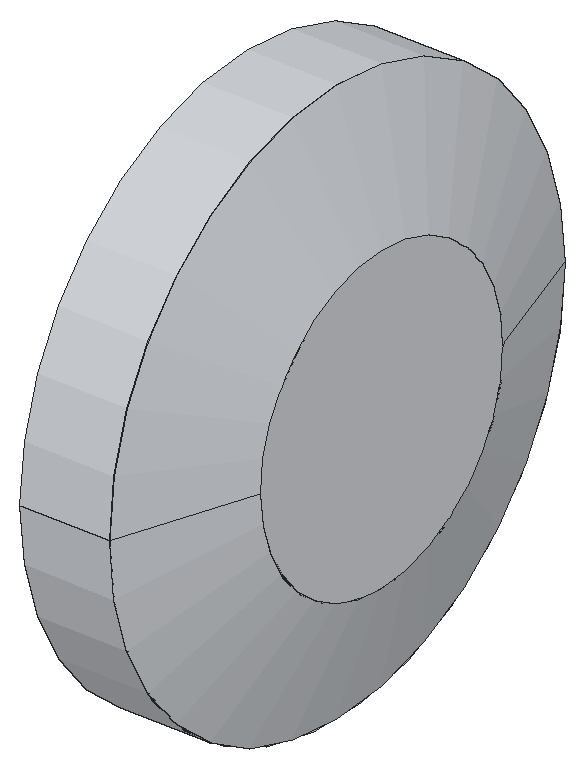
Revit family "RAUPIANO PLUS Rosette WC-17-90", category Pipe Fittings, Revit 2012
Parameters (values of type "Standard")
  Type Comments = "White"  # constant formula
  T1 = "WC-17-90"
  Spec Text [instance] = if(D = 160 mm, T1, Fail)  # "WC-17-90"
  Pressure resistance [instance] = "1 bar (100 kPa, 10m)"  # constant formula
  Nominal Radius 1 [instance] = 80 mm  # constant formula
  Nominal Radius 2 [instance] = 45 mm  # constant formula
  Nominal Diameter 1 [instance] = Nominal Radius 1 * 2  # 160 mm
  Nominal Diameter 2 [instance] = Nominal Radius 2 * 2  # 90 mm
  Model = ""
  Materialcode SAP [instance] = if(D = 160 mm, M1, Fail)  # "11230071001"
  Manufacturer = "REHAU"  # constant formula
  M1 = "11230071001"
  Loss Method = Not Defined
  Lookup Table Name = "RAUPIANO Adaptor to PVC.csv"
  L1 [instance] = L2 / 3  # 13.333 mm
  L2 [instance] = 40 mm  # constant formula
  R1 [instance] = 169 mm / 2  # 84.5 mm
  R2 [instance] = 90 mm / 2  # 45 mm
  Fail = "No article found"
  Description = "REHAU RAUPIANO PLUS rosette"  # constant formula
  D [instance] = Nominal Diameter 1  # 160 mm
  Article No [instance] = if(D = 160 mm, A1, Fail)  # "123007-001"
  A1 = "123007-001"
Reference planes
  plane 1 "Center (Front/Back)": y = 0
  plane 2: z = 0
  plane 3 "Center (Left/Right)": x = 0
  plane 4: y = 45
  plane 5: y = -45
  plane 6: y = 80
  plane 7: y = -80
  plane 8: x = 13.333
  plane 9: x = -26.667
Forms (mm)
  Blend 1, solid, detail levels fine
    base sketch origin (0, 0, 0) x (0, 1, 0) y (0, 0, 1)
      loop
        circle (0, 0) r 84.5
    top sketch origin (0, 0, 0) x (0, 1, 0) y (0, 0, 1)
      loop
        circle (0, 0) r 45
    from 0 to 13.333
  Extrusion 2, solid, detail levels fine
    sketch origin (0, 0, 0) x (0, 1, 0) y (0, 0, 1)
      loop
        circle (0, 0) r 84.5
    from 0 to -26.667
Lines and regions (mm)
  model lines, detail levels coarse+medium
    curve 1: line (0, 0, 0) -> (13.333, 0, 0)
    curve 2: line (0, 80, 0) -> (0, -80, 0)
    curve 3: line (13.333, 45, 0) -> (13.333, -45, 0)
  model lines, style "Symbol", detail levels coarse+medium
    curve 4: line (13.333, 0, 45) -> (13.333, 0, -45)
    curve 5: line (0, 0, 80) -> (0, 0, -80)
Dimensions and locks
  "Nominal Diameter 2": plane 4 to plane 5
  equal spacing: plane 4, plane 1 "Center (Front/Back)", plane 5
  equal spacing: plane 6, plane 1 "Center (Front/Back)", plane 7
  "Nominal Diameter 1": plane 6 to plane 7
  "L2": plane 9 to plane 8
  "L1": plane 3 "Center (Left/Right)" to plane 8
  equal spacing: curve 5, level, curve 5
  "Nominal Radius 1": curve 5 to level
  equal spacing: curve 4, level, curve 4
  "Nominal Radius 2": curve 4 to level
  "R1": radius of Blend 1 sketch curve
  "R2": radius of Blend 1 sketch curve
  "R1": radius of Extrusion 2 sketch curve
  aligned and locked: level to plane 2
  aligned and locked: Extrusion 2 to plane 9
  aligned and locked: plane 8 to Blend 1
  aligned and locked: Blend 1 to plane 3 "Center (Left/Right)"
  aligned and locked: plane 3 "Center (Left/Right)" to curve 1
  aligned and locked: plane 1 "Center (Front/Back)" to curve 1
  aligned and locked: curve 2 to plane 3 "Center (Left/Right)"
  aligned and locked: curve 3 to plane 8
  aligned and locked: curve 4 to plane 8
  aligned and locked: curve 5 to plane 3 "Center (Left/Right)"
Automatic sketch dimensions
  Blend 1 sketch curve to level = 0 mm  (x2)
  Blend 1 sketch curve to plane 1 "Center (Front/Back)" = 0 mm  (x2)
  Extrusion 2 sketch curve to level = 0 mm
  Extrusion 2 sketch curve to plane 1 "Center (Front/Back)" = 0 mm
  curve 2 to plane 7 = 0 mm
  curve 3 to plane 5 = 0 mm
  curve 3 to plane 4 = 0 mm
  curve 2 to plane 6 = 0 mm
Connectors
  piping at (0, 0, 0), driven by "Nominal Radius 1"
    settings: on Blend 1, index 1, connector radius 80 mm, flow factor 0, pipe flow 0.0 L/s, pressure drop 0.0 Pa, fitting loss kfactor 0, connector angle 0.00°, fixture units 0, engagement length 0 mm, flow configuration 0, flow direction 0, fitting loss method 0, system type 28, joint type 0, gender type 0, connector reference index 2, connector utility 0, adjustable connector no, is connector primary yes, fitting loss table "", connector description ""
  piping at (13.333, 0, 0), driven by "Nominal Radius 2"
    settings: on Blend 1, index 2, connector radius 45 mm, flow factor 0, pipe flow 0.0 L/s, pressure drop 0.0 Pa, fitting loss kfactor 0, connector angle 0.00°, fixture units 0, engagement length 0 mm, flow configuration 0, flow direction 1, fitting loss method 0, system type 28, joint type 0, gender type 0, connector reference index 1, connector utility 0, adjustable connector no, is connector primary no, fitting loss table "", connector description ""
